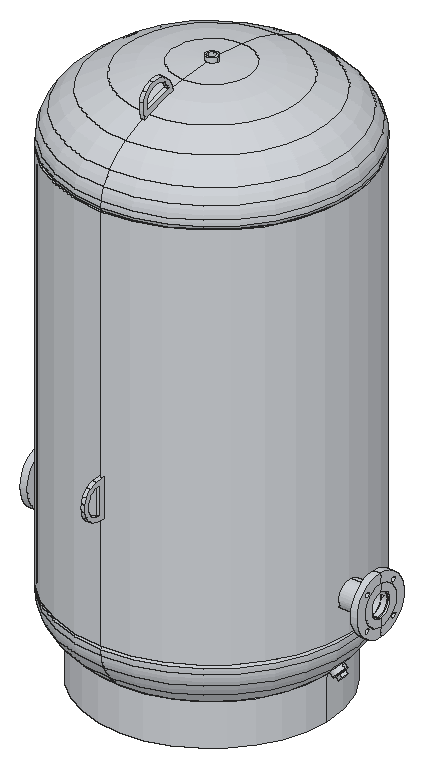
Revit family "CBT-300-3", category Generic Models, Revit 2014
Parameters (values of type "CBT-300-3")
  URL = "http://westank.com/"
  Tank Volume = 300.00 gal
  Part Number = 55360300
  Model = "CBT-300-3"
  Maximum Shipping Weight = 555 lbf
  Flange Connector Diameter = 3"
  Description = "Wessels ASME Chilled Water Buffer Tanks (CBT) are designed for chilled water systems with insufficient water volume capacity in relation to the chiller capacity."
  D = 16"
  C = 30"
  B = 72"
  A = 36"
Reference planes (in)
  plane 1 "Center (Front/Back)": y = 0
  plane 2: z = 0
  plane 3 "Center (Left/Right)": x = 0
  plane 4: x = -15
  plane 5: x = 15
  plane 6: z = 0
  plane 7: z = 72
  plane 8: x = -18
  plane 9: x = 18
  plane 10: z = 16
Forms (in)
  Revolve 1, solid
    sketch origin (0, -0.02461, 0) x (0, 1, 0) y (0, 0, 1)
      loop
        line (-17.97559, 11.40987) -> (-17.77585, 11.40987)
        arc (-17.77585, 11.40987) -> (-17.77901, 11.38745) -> (-17.78675, 11.36617) r 0.10832
        line (-17.78675, 11.36617) -> (-17.97559, 10.97899)
        arc (-17.97559, 10.97899) -> (-17.97692, 10.6034) -> (-17.93634, 10.23002) r 3.36112
        arc (-17.93634, 10.23002) -> (-17.83534, 9.45516) -> (-17.56075, 8.72359) r 3.4127
        arc (-17.56075, 8.72359) -> (-17.14884, 7.91952) -> (-16.63227, 7.17835) r 6.68364
        arc (-16.63227, 7.17835) -> (-15.41449, 5.9118) -> (-13.99078, 4.88214) r 9.83519
        arc (-13.99078, 4.88214) -> (-12.33964, 3.99029) -> (-10.62031, 3.23825) r 22.63963
        arc (-10.62031, 3.23825) -> (-7.74153, 2.33452) -> (-4.76815, 1.82164) r 22.63963
        arc (-4.76815, 1.82164) -> (-2.37465, 1.61295) -> (0.02461, 1.4865) r 70.02787
        line (0.02461, 1.4865) -> (0.02461, 1.65848)
        arc (0.02461, 1.65848) -> (-2.3657, 1.78462) -> (-4.75028, 1.99258) r 69.85599
        arc (-4.75028, 1.99258) -> (-7.70109, 2.50157) -> (-10.55801, 3.39844) r 22.46775
        arc (-10.55801, 3.39844) -> (-12.26429, 4.14477) -> (-13.9029, 5.02985) r 22.46775
        arc (-13.9029, 5.02985) -> (-15.30173, 6.04151) -> (-16.49823, 7.28593) r 9.66331
        arc (-16.49823, 7.28593) -> (-17.00303, 8.01057) -> (-17.40515, 8.79685) r 6.51177
        arc (-17.40515, 8.79685) -> (-17.66943, 9.50016) -> (-17.76465, 10.24543) r 3.24083
        arc (-17.76465, 10.24543) -> (-17.80397, 10.58906) -> (-17.80585, 10.93493) r 3.18924
        line (-17.80585, 10.93493) -> (-17.63227, 11.29083)
        arc (-17.63227, 11.29083) -> (-17.60804, 11.35818) -> (-17.59889, 11.42917) r 0.33041
        line (-17.59889, 11.42917) -> (-17.80365, 11.42917) -> (-17.80365, 62.07314) -> (-17.59889, 62.07314)
        arc (-17.59889, 62.07314) -> (-17.60804, 62.14413) -> (-17.63227, 62.21149) r 0.33041
        line (-17.63227, 62.21149) -> (-17.80585, 62.56739)
        arc (-17.80585, 62.56739) -> (-17.80397, 62.91325) -> (-17.76465, 63.25688) r 3.18924
        arc (-17.76465, 63.25688) -> (-17.66943, 64.00215) -> (-17.40515, 64.70547) r 3.24083
        arc (-17.40515, 64.70547) -> (-17.00303, 65.49175) -> (-16.49823, 66.21639) r 6.51177
        arc (-16.49823, 66.21639) -> (-15.30173, 67.4608) -> (-13.9029, 68.47247) r 9.66331
        arc (-13.9029, 68.47247) -> (-12.26429, 69.35755) -> (-10.55801, 70.10388) r 22.46775
        arc (-10.55801, 70.10388) -> (-7.70109, 71.00074) -> (-4.75028, 71.50973) r 22.46775
        arc (-4.75028, 71.50973) -> (-2.3657, 71.71769) -> (0.02461, 71.84383) r 69.85599
        line (0.02461, 71.84383) -> (0.02461, 72.01582)
        arc (0.02461, 72.01582) -> (-2.37465, 71.88936) -> (-4.76815, 71.68068) r 70.02787
        arc (-4.76815, 71.68068) -> (-7.74153, 71.16779) -> (-10.62031, 70.26407) r 22.63963
        arc (-10.62031, 70.26407) -> (-12.33964, 69.51203) -> (-13.99078, 68.62018) r 22.63963
        arc (-13.99078, 68.62018) -> (-15.41449, 67.59052) -> (-16.63227, 66.32397) r 9.83519
        arc (-16.63227, 66.32397) -> (-17.14884, 65.58279) -> (-17.56075, 64.77872) r 6.68364
        arc (-17.56075, 64.77872) -> (-17.83534, 64.04715) -> (-17.93634, 63.2723) r 3.4127
        arc (-17.93634, 63.2723) -> (-17.97692, 62.89891) -> (-17.97559, 62.52332) r 3.36112
        line (-17.97559, 62.52332) -> (-17.78675, 62.13614)
        arc (-17.78675, 62.13614) -> (-17.77901, 62.11486) -> (-17.77585, 62.09244) r 0.10832
        line (-17.77585, 62.09244) -> (-17.97559, 62.09244) -> (-17.97559, 11.40987)
      axis (0.02461, 1.4865) -> (0.02461, 72.01582)
    angle from 0 to 360
  Revolve 2, solid
    sketch origin (-3.00177, 0, 1.50063) x (-1, 0, 0) y (0, 0, 1)
      loop
        line (17.8121, 12.9645) -> (17.8121, 12.37455) -> (18.0621, 12.37455) -> (18.0621, 10.7494) -> (18.9371, 10.7494) -> (18.9371, 11.9994) -> (18.9996, 11.9994) -> (18.9996, 12.9645) -> (17.8121, 12.9645)
      axis (18.9996, 14.49937) -> (17.8121, 14.49937)
    angle from 0 to 360
  Revolve 3, solid
    sketch origin (1.3301, 0, 3.24654) x (0.990017, 0, -0.140951) y (0.140951, 0, 0.990017)
      loop
        line (14.71753, 6.11956) -> (14.66586, 6.1556) -> (14.25436, 5.56561) -> (14.86992, 5.13627) -> (15.24588, 5.6753) -> (15.19462, 5.71106) -> (15.31904, 5.88945) -> (14.80641, 6.24699) -> (14.71753, 6.11956)
      axis (14.25436, 5.56561) -> (14.86992, 5.13627)
    angle from 0 to 360
  Extrusion 4, solid
    sketch origin (16.3437, -180, 7.27869) x (0.681658, 0, 0.731671) y (0, -1, 0)
      loop
        line (-0.16036, -179.52645) -> (-0.95521, -179.68698) -> (-0.79485, -180.48095) -> (0, -180.32042) -> (-0.16036, -179.52645)
    from 1.02698 to 1.52678
  Extrusion 5, solid
    sketch origin (0, -6.04905, 4.9833) x (0, 1, 0) y (0, 0, 1)
      loop
        line (-11.93439, 21.33067) -> (-11.93439, 26.202)
        arc (-11.93439, 26.202) -> (-12.47846, 26.15164) -> (-13.01533, 26.05008) r 5.77422
        arc (-13.01533, 26.05008) -> (-13.49297, 25.89754) -> (-13.94252, 25.67548) r 3.35288
        arc (-13.94252, 25.67548) -> (-14.34081, 25.36666) -> (-14.64962, 24.96837) r 2.0073
        arc (-14.64962, 24.96837) -> (-14.80343, 24.58932) -> (-14.88788, 24.18906) r 2.30742
        arc (-14.88788, 24.18906) -> (-14.91277, 23.77188) -> (-14.88788, 23.3547) r 3.50846
        arc (-14.88788, 23.3547) -> (-14.79412, 22.92876) -> (-14.61961, 22.52904) r 2.24053
        arc (-14.61961, 22.52904) -> (-14.27401, 22.08806) -> (-13.80999, 21.77406) r 1.8078
        arc (-13.80999, 21.77406) -> (-13.34321, 21.55591) -> (-12.84107, 21.44044) r 2.44481
        arc (-12.84107, 21.44044) -> (-12.39043, 21.36326) -> (-11.93439, 21.33067) r 4.65484
      loop
        arc (-12.44611, 25.63929) -> (-12.67227, 25.60073) -> (-12.89654, 25.55235) r 5.2625
        arc (-12.89654, 25.55235) -> (-13.30128, 25.42308) -> (-13.68221, 25.23491) r 2.84116
        arc (-13.68221, 25.23491) -> (-13.97364, 25.01013) -> (-14.20134, 24.72098) r 1.49558
        arc (-14.20134, 24.72098) -> (-14.3163, 24.43235) -> (-14.37979, 24.12821) r 1.7957
        arc (-14.37979, 24.12821) -> (-14.40106, 23.77188) -> (-14.37979, 23.41555) r 2.99674
        arc (-14.37979, 23.41555) -> (-14.30745, 23.08689) -> (-14.17279, 22.77846) r 1.72881
        arc (-14.17279, 22.77846) -> (-13.91552, 22.45353) -> (-13.56884, 22.22643) r 1.29608
        arc (-13.56884, 22.22643) -> (-13.1779, 22.0402) -> (-12.75531, 21.94566) r 1.9331
        arc (-12.75531, 21.94566) -> (-12.60126, 21.91347) -> (-12.44611, 21.88716) r 4.14312
        line (-12.44611, 21.88716) -> (-12.44611, 25.63929)
    from -0.24366 to 0.25634
  Extrusion 6, solid
    sketch origin (0, -28.53332, 53.09576) x (0, 0.284015, -0.95882) y (0, 0.95882, 0.284015)
      loop
        arc (-11.9298, 25.67102) -> (-12.15596, 25.63246) -> (-12.38023, 25.58408) r 5.2625
        arc (-12.38023, 25.58408) -> (-12.78497, 25.45482) -> (-13.16591, 25.26664) r 2.84116
        arc (-13.16591, 25.26664) -> (-13.45733, 25.04186) -> (-13.68503, 24.75271) r 1.49558
        arc (-13.68503, 24.75271) -> (-13.8, 24.46408) -> (-13.86349, 24.15994) r 1.7957
        arc (-13.86349, 24.15994) -> (-13.88475, 23.80361) -> (-13.86349, 23.44728) r 2.99674
        arc (-13.86349, 23.44728) -> (-13.79114, 23.11862) -> (-13.65649, 22.81019) r 1.72881
        arc (-13.65649, 22.81019) -> (-13.39922, 22.48527) -> (-13.05253, 22.25816) r 1.29608
        arc (-13.05253, 22.25816) -> (-12.66159, 22.07193) -> (-12.239, 21.97739) r 1.9331
        arc (-12.239, 21.97739) -> (-12.08496, 21.94521) -> (-11.9298, 21.91889) r 4.14312
        line (-11.9298, 21.91889) -> (-11.9298, 25.67102)
      loop
        line (-11.17132, 21.34265) -> (-11.17132, 26.18028)
        arc (-11.17132, 26.18028) -> (-12.11834, 26.16865) -> (-13.02719, 25.90227) r 3.48194
        arc (-13.02719, 25.90227) -> (-13.54727, 25.6041) -> (-13.99851, 25.20943) r 3.03185
        arc (-13.99851, 25.20943) -> (-14.28248, 24.55653) -> (-14.39992, 23.8543) r 2.91879
        arc (-14.39992, 23.8543) -> (-14.3348, 23.1787) -> (-14.08611, 22.54717) r 2.44012
        arc (-14.08611, 22.54717) -> (-13.716, 22.08641) -> (-13.21844, 21.76749) r 1.83162
        arc (-13.21844, 21.76749) -> (-12.21655, 21.45065) -> (-11.17132, 21.34265) r 5.1769
    from -0.24366 to 0.25634
  Extrusion 7, solid
    sketch origin (0, 0, 0) x (1, 0, 0) y (0, 1, 0)
      loop
        circle (0, 0) r 0.75
      loop
        circle (0, 0) r 0.5
    from 71.36613 to 72.49354
  Extrusion 8, void
    sketch origin (-3.60333, 0.13917, 1.92009) x (0, 1, 0) y (0, 0, -1)
      loop
        circle (1.97118, -16.20314) r 0.37532
      loop
        circle (1.96878, -11.97252) r 0.37532
      loop
        circle (-2.27402, -16.19873) r 0.37532
      loop
        circle (-2.3006, -11.98745) r 0.37532
    from 15.80097 to 20.25
  Extrusion 9, void
    sketch origin (0, 0, 0) x (1, 0, 0) y (0, 1, 0)
      loop
        circle (0, 0) r 0.5
    from 70.90268 to 73.75579
  Revolve 10, solid
    sketch origin (0, 0, 0) x (1, 0, 0) y (0, 0, 1)
      loop
        line (14.82824, 5.43485) -> (14.82824, 0) -> (15, 0) -> (15, 5.43485) -> (14.82824, 5.43485)
      axis (0, 5.43485) -> (0, 0)
    angle from 0 to 360
  Revolve 11, solid
    sketch origin (-3.60333, 0, 1.50258) x (1, 0, 0) y (0, 0, 1)
      loop
        line (-13.89804, 12.96328) -> (-18.02304, 12.96328) -> (-18.02304, 12.74742) -> (-13.89804, 12.74742) -> (-13.89804, 12.96328)
      axis (-18.02304, 14.49742) -> (-13.89804, 14.49742)
    angle from 0 to 360
  Extrusion 12, void
    sketch origin (0, 0, 0.25) x (0, 1, 0) y (0, 0, 1)
      loop
        circle (0, 15.75) r 1.53414
    from -22.45504 to 18.76515
  Revolve 13, solid
    sketch origin (3.00177, 0, 1.50063) x (1, 0, 0) y (0, 0, 1)
      loop
        line (17.8121, 12.9645) -> (17.8121, 12.37455) -> (18.0621, 12.37455) -> (18.0621, 10.7494) -> (18.9371, 10.7494) -> (18.9371, 11.9994) -> (18.9996, 11.9994) -> (18.9996, 12.9645) -> (17.8121, 12.9645)
      axis (18.9996, 14.49937) -> (17.8121, 14.49937)
    angle from 0 to 360
  Revolve 14, solid
    sketch origin (3.60333, 0, 1.50258) x (-1, 0, 0) y (0, 0, 1)
      loop
        line (-13.89804, 12.96328) -> (-18.02304, 12.96328) -> (-18.02304, 12.74742) -> (-13.89804, 12.74742) -> (-13.89804, 12.96328)
      axis (-18.02304, 14.49742) -> (-13.89804, 14.49742)
    angle from 0 to 360
  Extrusion 15, void
    sketch origin (3.60333, 0.13917, 1.92009) x (0, 1, 0) y (0, 0, 1)
      loop
        circle (1.97118, 16.20314) r 0.37532
      loop
        circle (1.96878, 11.97252) r 0.37532
      loop
        circle (-2.27402, 16.19873) r 0.37532
      loop
        circle (-2.3006, 11.98745) r 0.37532
    from 15.80097 to 20.25
Cuts and joins
  joined: Extrusion 4, Extrusion 5, Extrusion 6, Extrusion 7, Revolve 10
  Extrusion 9, Extrusion 12, Extrusion 15 cuts Revolve 1
  Extrusion 8, Extrusion 15 cuts Revolve 2
  joined: Revolve 1, Revolve 2
  Extrusion 15 cuts Revolve 13
Dimensions and locks (in)
  "B": plane 7 to level
  "C": plane 5 to plane 4
  "A": plane 9 to plane 8
  "D": plane 10 to level
  aligned and locked: plane 2 to level
  aligned and locked: Revolve 10 sketch curve to plane 3 "Center (Left/Right)"
Automatic sketch dimensions
  Revolve 1 sketch curve to Revolve 1 sketch curve = 0"  (x56)
  Revolve 1 sketch curve to plane 1 "Center (Front/Back)" = 0"  (x3)
  plane 1 "Center (Front/Back)" to Revolve 1 sketch curve = 2.43969"  (x2)
  Revolve 1 sketch curve to plane 10 = 2.66549"
  plane 1 "Center (Front/Back)" to Revolve 1 sketch curve = 8.98663"  (x2)
  Revolve 1 sketch curve to Revolve 1 sketch curve = 2.45782"  (x2)
  Revolve 1 sketch curve to Revolve 1 sketch curve = 3.10417"  (x2)
  Revolve 1 sketch curve to Revolve 1 sketch curve = 0.0964"  (x2)
  Revolve 1 sketch curve to Revolve 1 sketch curve = 2.97849"  (x2)
  Revolve 1 sketch curve to plane 7 = 9.78851"
  Revolve 1 sketch curve to Revolve 1 sketch curve = 0.03338"  (x2)
  Revolve 1 sketch curve to plane 10 = 4.70917"
  Revolve 1 sketch curve to Revolve 1 sketch curve = 0.17696"  (x2)
  Revolve 1 sketch curve to plane 10 = 4.63383"
  Revolve 1 sketch curve to Revolve 1 sketch curve = 0.0109"  (x2)
  Revolve 1 sketch curve to plane 7 = 9.86386"
  Revolve 1 sketch curve to Revolve 1 sketch curve = 0.0278"
  Revolve 1 sketch curve to Revolve 1 sketch curve = 0.17358"  (x2)
  Revolve 1 sketch curve to plane 10 = 5.06507"
  Revolve 1 sketch curve to Revolve 1 sketch curve = 0.08045"  (x2)
  Revolve 1 sketch curve to Revolve 1 sketch curve = 0.04514"  (x2)
  Revolve 1 sketch curve to Revolve 1 sketch curve = 0.04635"
  Revolve 1 sketch curve to plane 10 = 5.02101"
  Revolve 1 sketch curve to Revolve 1 sketch curve = 0.16974"  (x2)
  Revolve 1 sketch curve to plane 7 = 9.47668"
  Revolve 1 sketch curve to plane 7 = 0.52976"
  Revolve 1 sketch curve to plane 1 "Center (Front/Back)" = 2.48565"  (x2)
  Revolve 1 sketch curve to Revolve 1 sketch curve = 0.51151"
  Revolve 1 sketch curve to Revolve 1 sketch curve = 0.49854"  (x2)
  level to Revolve 1 sketch curve = 2.03208"
  level to Revolve 1 sketch curve = 1.65848"
  Revolve 1 sketch curve to Revolve 1 sketch curve = 0.17198"
  Revolve 1 sketch curve to Revolve 1 sketch curve = 1 249/256"  (x2)
  Revolve 1 sketch curve to Revolve 1 sketch curve = 0.0437"
  Revolve 1 sketch curve to Revolve 1 sketch curve = 0.0193"
  plane 10 to Revolve 1 sketch curve = 8.33865"
  Revolve 1 sketch curve to Revolve 1 sketch curve = 13.04782"
  Revolve 1 sketch curve to Revolve 1 sketch curve = 2.04368"
  Revolve 1 sketch curve to Revolve 1 sketch curve = 0.0695"
  Revolve 1 sketch curve to Revolve 1 sketch curve = 0.02202"
  Revolve 1 sketch curve to Revolve 1 sketch curve = 0.04406"
  Revolve 1 sketch curve to Revolve 1 sketch curve = 0.64986"
  Revolve 1 sketch curve to plane 7 = 0.15617"
  plane 7 to Revolve 1 sketch curve = 0.01582"
  Revolve 1 sketch curve to plane 7 = 1.89612"
  level to Revolve 1 sketch curve = 3 51/128"
  Revolve 1 sketch curve to Revolve 1 sketch curve = 0.06229"  (x2)
  Revolve 1 sketch curve to Revolve 1 sketch curve = 0.90692"  (x2)
  Revolve 1 sketch curve to Revolve 1 sketch curve = 0.1556"  (x2)
  Revolve 1 sketch curve to Revolve 1 sketch curve = 4.55443"
  Revolve 1 sketch curve to Revolve 1 sketch curve = 3 3/4"
  Revolve 2 sketch curve to plane 10 = 0"
  plane 8 to Revolve 2 sketch curve = 2.81387"
  Revolve 2 sketch curve to Revolve 2 sketch curve = 1/4"
  Revolve 2 sketch curve to Revolve 2 sketch curve = 7/8"
  Revolve 2 sketch curve to Revolve 2 sketch curve = 1/16"
  plane 10 to Revolve 2 sketch curve = 1.53487"
  Revolve 2 sketch curve to Revolve 2 sketch curve = 0.58995"
  Revolve 2 sketch curve to Revolve 2 sketch curve = 0.96511"
  Revolve 2 sketch curve to Revolve 2 sketch curve = 1 1/4"
  Revolve 2 sketch curve to plane 8 = 0.57793"
  Revolve 2 sketch curve to Revolve 2 sketch curve = 0.68278"
  plane 5 to Revolve 3 sketch curve = 1.22663"
  level to Revolve 3 sketch curve = 6.74742"
  Revolve 3 sketch curve to Revolve 3 sketch curve = 0.4115"
  Revolve 3 sketch curve to Revolve 3 sketch curve = 0.05167"
  Revolve 3 sketch curve to Revolve 3 sketch curve = 0.08888"
  Revolve 3 sketch curve to Revolve 3 sketch curve = 0.61556"
  Revolve 3 sketch curve to Revolve 3 sketch curve = 0.47709"
  Revolve 3 sketch curve to Revolve 3 sketch curve = 0.05126"
  Revolve 3 sketch curve to Revolve 3 sketch curve = 0.42934"
  Revolve 3 sketch curve to Revolve 3 sketch curve = 0.12768"
  Revolve 3 sketch curve to Revolve 3 sketch curve = 0"  (x2)
  Revolve 3 sketch curve to Revolve 3 sketch curve = 0.08905"
  plane 1 "Center (Front/Back)" to Extrusion 4 sketch curve = 0.31302"
  Extrusion 4 sketch curve to plane 1 "Center (Front/Back)" = 0.48095"
  Extrusion 4 sketch curve to Extrusion 4 sketch curve = 0.16036"  (x2)
  plane 1 "Center (Front/Back)" to Extrusion 4 sketch curve = 0.47355"
  Extrusion 4 sketch curve to Extrusion 4 sketch curve = 0.79485"
  Extrusion 4 sketch curve to plane 1 "Center (Front/Back)" = 0.32042"
  Extrusion 5 sketch curve to Extrusion 5 sketch curve = 0"  (x24)
  plane 1 "Center (Front/Back)" to Extrusion 5 sketch curve = 19.09014"
  Extrusion 5 sketch curve to Extrusion 5 sketch curve = 0.11966"
  Extrusion 5 sketch curve to Extrusion 5 sketch curve = 0.25819"
  Extrusion 5 sketch curve to Extrusion 5 sketch curve = 17/256"
  Extrusion 5 sketch curve to Extrusion 5 sketch curve = 0.04958"
  Extrusion 5 sketch curve to Extrusion 5 sketch curve = 0.15073"
  Extrusion 5 sketch curve to Extrusion 5 sketch curve = 0.20915"
  Extrusion 5 sketch curve to Extrusion 5 sketch curve = 131/256"
  Extrusion 5 sketch curve to Extrusion 5 sketch curve = 0.10338"
  Extrusion 5 sketch curve to Extrusion 5 sketch curve = 0.25955"
  Extrusion 5 sketch curve to Extrusion 5 sketch curve = 1.14294"
  plane 10 to Extrusion 5 sketch curve = 9.41692"
  Extrusion 5 sketch curve to Extrusion 5 sketch curve = 0.89706"
  Extrusion 5 sketch curve to Extrusion 5 sketch curve = 0.55648"
  Extrusion 5 sketch curve to Extrusion 5 sketch curve = 0.90165"
  Extrusion 5 sketch curve to Extrusion 5 sketch curve = 0.62139"
  Extrusion 5 sketch curve to Extrusion 5 sketch curve = 27/128"
  Extrusion 5 sketch curve to Extrusion 5 sketch curve = 0.15076"
  Extrusion 5 sketch curve to Extrusion 5 sketch curve = 0.24641"
  Extrusion 5 sketch curve to Extrusion 5 sketch curve = 0.04716"
  Extrusion 5 sketch curve to Extrusion 5 sketch curve = 0.0326"
  Extrusion 5 sketch curve to Extrusion 5 sketch curve = 1.7246"
  Extrusion 5 sketch curve to Extrusion 5 sketch curve = 0.34507"
  Extrusion 5 sketch curve to Extrusion 5 sketch curve = 0.21764"
  Extrusion 5 sketch curve to Extrusion 5 sketch curve = 1.12273"
  Extrusion 5 sketch curve to Extrusion 5 sketch curve = 0.78568"
  Extrusion 5 sketch curve to Extrusion 5 sketch curve = 0.24115"
  Extrusion 5 sketch curve to Extrusion 5 sketch curve = 0.2603"
  Extrusion 5 sketch curve to Extrusion 5 sketch curve = 0.60395"
  Extrusion 5 sketch curve to Extrusion 5 sketch curve = 0.51913"
  Extrusion 5 sketch curve to Extrusion 5 sketch curve = 0.44682"
  Extrusion 5 sketch curve to Extrusion 5 sketch curve = 0.44829"
  Extrusion 6 sketch curve to plane 7 = 0.23736"
  plane 1 "Center (Front/Back)" to Extrusion 6 sketch curve = 9.61397"
  Extrusion 6 sketch curve to Extrusion 6 sketch curve = 0.03301"
  Extrusion 6 sketch curve to Extrusion 6 sketch curve = 0.08665"
  Extrusion 6 sketch curve to Extrusion 6 sketch curve = 0.34483"
  Extrusion 6 sketch curve to Extrusion 6 sketch curve = 17/256"
  Extrusion 6 sketch curve to Extrusion 6 sketch curve = 0.04958"
  Extrusion 6 sketch curve to Extrusion 6 sketch curve = 0.06885"
  Extrusion 6 sketch curve to Extrusion 6 sketch curve = 0.56197"
  Extrusion 6 sketch curve to Extrusion 6 sketch curve = 0.36028"
  Extrusion 6 sketch curve to Extrusion 6 sketch curve = 0.06601"
  Extrusion 6 sketch curve to Extrusion 6 sketch curve = 0.11815"
  Extrusion 6 sketch curve to Extrusion 6 sketch curve = 0.47821"
  Extrusion 6 sketch curve to Extrusion 6 sketch curve = 0.75848"
  Extrusion 6 sketch curve to Extrusion 6 sketch curve = 0.14338"
  Extrusion 6 sketch curve to Extrusion 6 sketch curve = 0.00673"
  Extrusion 6 sketch curve to Extrusion 6 sketch curve = 0.01279"
  Extrusion 6 sketch curve to Extrusion 6 sketch curve = 0.59588"
  Extrusion 6 sketch curve to Extrusion 6 sketch curve = 0.3061"
  Extrusion 6 sketch curve to Extrusion 6 sketch curve = 0.31529"
  Extrusion 6 sketch curve to Extrusion 6 sketch curve = 0.0954"
  Extrusion 6 sketch curve to Extrusion 6 sketch curve = 0.80625"
  Extrusion 6 sketch curve to Extrusion 6 sketch curve = 0.57624"
  Extrusion 6 sketch curve to Extrusion 6 sketch curve = 0.8773"
  Extrusion 6 sketch curve to Extrusion 6 sketch curve = 0.00686"
  Extrusion 6 sketch curve to Extrusion 6 sketch curve = 0.20406"
  Extrusion 6 sketch curve to Extrusion 6 sketch curve = 0.59172"
  Extrusion 6 sketch curve to Extrusion 6 sketch curve = 0.09548"
  Extrusion 6 sketch curve to Extrusion 6 sketch curve = 0.07607"
  Extrusion 6 sketch curve to Extrusion 6 sketch curve = 0.15093"
  Extrusion 6 sketch curve to Extrusion 6 sketch curve = 0.04716"
  Extrusion 6 sketch curve to Extrusion 6 sketch curve = 0.0326"
  Extrusion 6 sketch curve to Extrusion 6 sketch curve = 1.7246"
  Extrusion 6 sketch curve to Extrusion 6 sketch curve = 0.34507"
  Extrusion 6 sketch curve to Extrusion 6 sketch curve = 0.16418"
  Extrusion 6 sketch curve to Extrusion 6 sketch curve = 0.33927"
  Extrusion 6 sketch curve to Extrusion 6 sketch curve = 0"  (x6)
  Extrusion 6 sketch curve to Extrusion 6 sketch curve = 0.1659"
  Extrusion 6 sketch curve to Extrusion 6 sketch curve = 0.13872"
  Extrusion 6 sketch curve to Extrusion 6 sketch curve = 0.42962"
  Extrusion 6 sketch curve to Extrusion 6 sketch curve = 0.51913"
  Extrusion 6 sketch curve to Extrusion 6 sketch curve = 0.31348"
  Extrusion 7 sketch curve to Extrusion 7 sketch curve = 0"  (x2)
  plane 1 "Center (Front/Back)" to Extrusion 7 sketch curve = 0"
  Extrusion 7 sketch curve to plane 3 "Center (Left/Right)" = 0"
  plane 1 "Center (Front/Back)" to Extrusion 8 sketch curve = 2.16143"
  plane 1 "Center (Front/Back)" to Extrusion 8 sketch curve = 2.13485"
  Extrusion 8 sketch curve to plane 1 "Center (Front/Back)" = 2.10795"
  Extrusion 8 sketch curve to plane 1 "Center (Front/Back)" = 2.11035"
  plane 10 to Extrusion 8 sketch curve = 2.12323"
  plane 10 to Extrusion 8 sketch curve = 2.11883"
  Extrusion 8 sketch curve to plane 10 = 2.09245"
  Extrusion 8 sketch curve to plane 10 = 2.10739"
  Extrusion 9 sketch curve to Extrusion 9 sketch curve = 0"  (x2)
  plane 1 "Center (Front/Back)" to Extrusion 9 sketch curve = 0"
  Extrusion 9 sketch curve to plane 3 "Center (Left/Right)" = 0"
  Extrusion 9 sketch curve to plane 3 "Center (Left/Right)" = 1/2"
  Revolve 10 sketch curve to level = 0"
  Revolve 10 sketch curve to plane 5 = 0"
  Revolve 10 sketch curve to plane 5 = 0.17176"
  level to Revolve 10 sketch curve = 5.43485"
  level to Revolve 10 sketch curve = 4.69941"
  Revolve 10 sketch curve to Revolve 10 sketch curve = 1"
  Revolve 11 sketch curve to plane 10 = 0"
  Revolve 11 sketch curve to plane 10 = 1 3/4"
  Revolve 11 sketch curve to plane 8 = 3.62637"
  plane 8 to Revolve 11 sketch curve = 0.49863"
  Revolve 11 sketch curve to Revolve 11 sketch curve = 0.21586"
  Revolve 11 sketch curve to plane 8 = 0.1741"
  plane 8 to Revolve 11 sketch curve = 0.18605"
  Extrusion 12 sketch curve to Extrusion 12 sketch curve = 0"  (x2)
  Extrusion 12 sketch curve to plane 1 "Center (Front/Back)" = 0"
  Extrusion 12 sketch curve to plane 10 = 0"
  Extrusion 12 sketch curve to Extrusion 12 sketch curve = 1.53414"
  Revolve 13 sketch curve to plane 10 = 0"
  plane 9 to Revolve 13 sketch curve = 2.81387"
  Revolve 13 sketch curve to Revolve 13 sketch curve = 1/4"
  Revolve 13 sketch curve to Revolve 13 sketch curve = 7/8"
  Revolve 13 sketch curve to Revolve 13 sketch curve = 1/16"
  Revolve 13 sketch curve to plane 10 = 1.53487"
  Revolve 13 sketch curve to Revolve 13 sketch curve = 0.58995"
  Revolve 13 sketch curve to Revolve 13 sketch curve = 0.96511"
  Revolve 13 sketch curve to Revolve 13 sketch curve = 1 1/4"
  Revolve 13 sketch curve to plane 9 = 0.57793"
  Revolve 13 sketch curve to Revolve 13 sketch curve = 0.68278"
  Revolve 14 sketch curve to plane 10 = 0"
  plane 10 to Revolve 14 sketch curve = 1 3/4"
  Revolve 14 sketch curve to plane 9 = 3.62637"
  plane 9 to Revolve 14 sketch curve = 0.49863"
  Revolve 14 sketch curve to Revolve 14 sketch curve = 0.21586"
  Revolve 14 sketch curve to plane 9 = 0.1741"
  plane 9 to Revolve 14 sketch curve = 0.18605"
  plane 1 "Center (Front/Back)" to Extrusion 15 sketch curve = 2.16143"
  plane 1 "Center (Front/Back)" to Extrusion 15 sketch curve = 2.13485"
  Extrusion 15 sketch curve to plane 1 "Center (Front/Back)" = 2.10795"
  Extrusion 15 sketch curve to plane 1 "Center (Front/Back)" = 2.11035"
  Extrusion 15 sketch curve to plane 10 = 2.10739"
  Extrusion 15 sketch curve to plane 10 = 2.09245"
  plane 10 to Extrusion 15 sketch curve = 2.11883"
  plane 10 to Extrusion 15 sketch curve = 2.12323"
  radius of Extrusion 7 sketch curve = 3/4"
  radius of Extrusion 7 sketch curve = 1/2"
  radius of Extrusion 8 sketch curve = 0.37532"  (x4)
  radius of Extrusion 15 sketch curve = 0.37532"  (x4)
Connectors (in)
  piping at (22.00137, 0, 16), diameter 3, driven by "Flange Connector Diameter"
    settings: on Revolve 13, index 1, connector inside diameter 24", connector length 0", flow factor 0, pipe flow 0 GPM, pressure drop 0.00 psi, fitting loss kfactor 0, connector angle 0.00°, fixture units 0, engagement length 0", angle of deflection 0.00°, flow configuration 0, flow direction 0, fitting loss method 0, system type 7, joint type 0, gender type 0, connector reference index 2, connector utility 0, adjustable connector no, is connector primary yes, connector description ""
  piping at (-22.00137, 0, 16), diameter 3, driven by "Flange Connector Diameter"
    settings: on Revolve 2, index 2, connector inside diameter 24", connector length 0", flow factor 0, pipe flow 0 GPM, pressure drop 0.00 psi, fitting loss kfactor 0, connector angle 0.00°, fixture units 0, engagement length 0", angle of deflection 0.00°, flow configuration 0, flow direction 0, fitting loss method 0, system type 7, joint type 0, gender type 0, connector reference index 1, connector utility 0, adjustable connector no, is connector primary no, connector description ""
